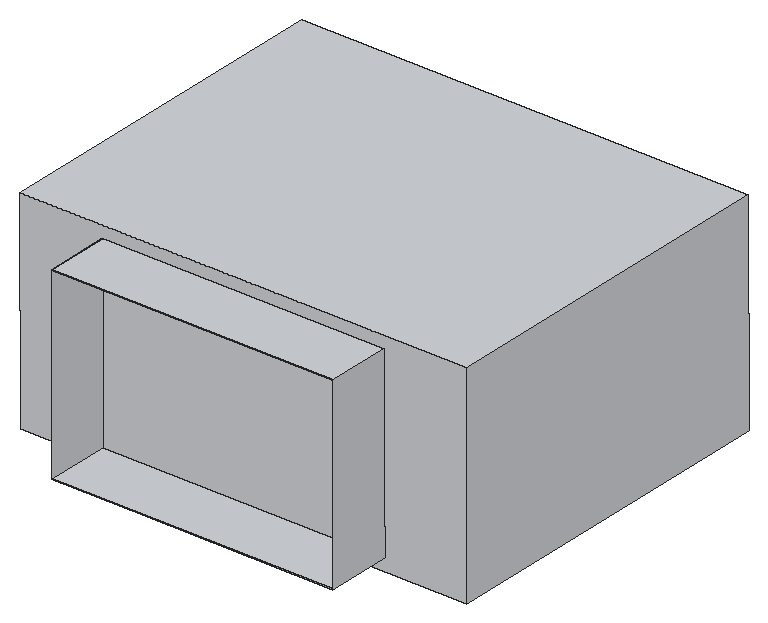
Revit family "EZTS (24x16)", category Mechanical Equipment, Revit 2016
Family settings
  Part Type = Normal
  Round Connector Dimension = Use Radius
  Work Plane-Based = No
  Always vertical = Yes
  Cut with Voids When Loaded = No
  Shared = No
  Room Calculation Point = No
Parameters (values of type "EZTS - 24x16")
  Width = 38"
  URL = "http://www.anemostat.com"
  Model = "EZTS With Hot Water Coil"
  Manufacturer = "Anemostat"
  Length = 30"
  Height = 18"
  Duct Inlet Width = 24"
  Duct Inlet Height = 16"
  Duct Discharge Width = 38"
  Duct Discharge Height = 18"
  Control Enclosure [instance] = yes
Reference planes (in)
  plane 1 "Center (Front/Back)": y = 0
  plane 2: z = 0
  plane 3 "Center (Left/Right)": x = 0
  plane 4: x = -19
  plane 5 "Right Side": x = 19
  plane 6: z = 18
  plane 7 "Back of Box": y = 30
  plane 8: x = -12
  plane 9: x = 12
  plane 10: z = 17
  plane 11: z = 1
  plane 12: x = -11.967
  plane 13: x = 11.967
  plane 14: z = 16.967
  plane 15: z = 1.033
  plane 16 "Back of HWC": y = 35
  plane 17: y = 31.75
  plane 18: z = 17.46875
  plane 19: z = 1.15234
  plane 20: y = 33.25
Forms (in)
  Extrusion 1, solid
    sketch origin (0, 0, 0) x (1, 0, 0) y (0, 0, 1)
      loop
        line (-19, 18) -> (-19, 0) -> (19, 0) -> (19, 18) -> (-19, 18)
    from 0 to -30
  Extrusion 2, solid
    sketch origin (0, 0, 0) x (1, 0, 0) y (0, 0, 1)
      loop
        line (-12, 17) -> (-12, 1) -> (12, 1) -> (12, 17) -> (-12, 17)
    from 0 to 5.4375
  Extrusion 3, void
    sketch origin (0, 0, 0) x (1, 0, 0) y (0, 0, 1)
      loop
        line (-11.967, 16.967) -> (-11.967, 1.033) -> (11.967, 1.033) -> (11.967, 16.967) -> (-11.967, 16.967)
    from 0 to 5.4375
Cuts and joins
  Extrusion 3 cuts Extrusion 1
  Extrusion 3 cuts Extrusion 2
Dimensions and locks (in)
  equal spacing: plane 5 "Right Side", plane 3 "Center (Left/Right)", plane 4
  "Width": plane 5 "Right Side" to plane 4
  "Height": plane 6 to level
  "Length": plane 7 "Back of Box" to plane 1 "Center (Front/Back)"
  plane 4 to plane 8 to plane 3 "Center (Left/Right)" = 7", 12"
  equal spacing: plane 9, plane 3 "Center (Left/Right)", plane 8
  locked: plane 7 "Back of Box" to plane 17 at 1.75
  locked: plane 6 to plane 18 at 0.53125
  locked: plane 19 to level at 1.15234
  locked: plane 7 "Back of Box" to plane 20 at 3.25
  aligned and locked: Extrusion 2 sketch curve to plane 10
  aligned and locked: plane 8 to Extrusion 2 sketch curve
  aligned and locked: plane 11 to Extrusion 2 sketch curve
  aligned and locked: Extrusion 2 sketch curve to plane 9
Automatic sketch dimensions
  Extrusion 1 sketch curve to level = 0"
  Extrusion 1 sketch curve to plane 4 = 0"
  Extrusion 1 sketch curve to plane 5 "Right Side" = 0"
  Extrusion 1 sketch curve to plane 6 = 0"
  Extrusion 3 sketch curve to plane 12 = 0"
  Extrusion 3 sketch curve to plane 13 = 0"
  Extrusion 3 sketch curve to plane 15 = 0"
  Extrusion 3 sketch curve to plane 14 = 0"
Connectors (in)
  hvac at (0, -5.4375, 9), driven by "Duct Inlet Height", driven by "Duct Inlet Width"
    settings: on cut or joined group of Extrusion 2, Extrusion 3, index 1, duct flow 0 CFM, flow factor 0, pres drop 0.00 in-wg, loss coef 0, conn angle 0.00°, conn width 24", conn height 16", conn diameter 24", duct sys type 1, conn prof type 1, flow config 0, flow direction 0, loss method 0, conn ref index -1, conn util no, is conn primary yes, conn desc ""
  hvac at (0, 30, 9), driven by "Duct Discharge Height", driven by "Duct Discharge Width"
    settings: on cut or joined group of Extrusion 1, Extrusion 3, index 2, duct flow 0 CFM, flow factor 0, pres drop 0.00 in-wg, loss coef 0, conn angle 0.00°, conn width 38", conn height 18", conn diameter 24", duct sys type 3, conn prof type 1, flow config 0, flow direction 0, loss method 0, conn ref index -1, conn util no, is conn primary no, conn desc ""
